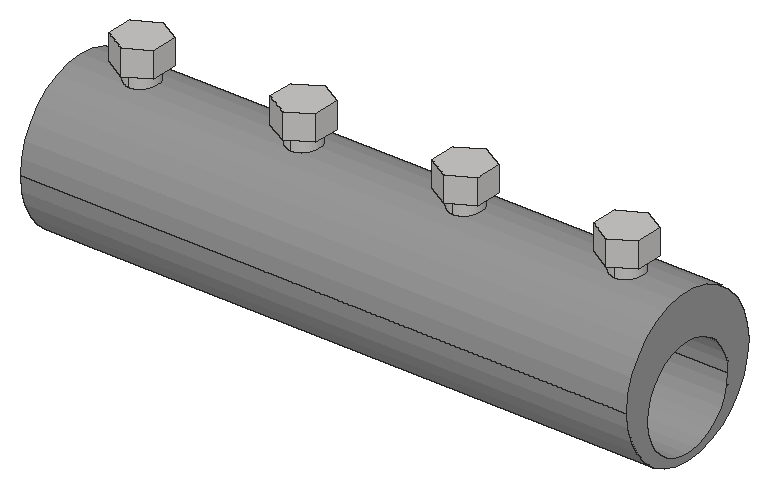
Revit family "DF_МуфтаСоеденительная_Болтовая_EZETEK", category Соединительные детали воздуховодов, Revit 2017
Family settings
  Размер круглого соединителя = Использовать радиус
  Тип детали = Соединение
  На основе рабочей плоскости = Нет
  Всегда вертикально = Да
  При загрузке вырезать с полостями = Нет
  Общий = Нет
Parameters (values of type "МуфтаСоединительная_10-16_74624")
  Тип = FA_МуфтаСоеденительная_Болтовая_EZETEK : МуфтаСоединительная_10-16 мм_74624
  Смещение_Коннекторы [instance] = 0 mm  # constant formula
  Производитель_Контакты = "ezetek@ezetek.ru"  # constant formula
  built-in parameter 1114242 [instance] = 1 = 0  # (empty or 0)
  Изготовитель = "Ezetek"  # constant formula
  Группа модели = "Молниеприемники и комплектующие к вертикальным поверхностям"  # constant formula
  Видимость_Error [instance] = if(or(and(and(ADSK_Размер_Диаметр > 7 mm, ADSK_Размер_Диаметр < 11 mm), Code = 1 mm), and(and(ADSK_Размер_Диаметр > 9 mm, ADSK_Размер_Диаметр < 17 mm), Code = 2 mm)), 1 = 0, 1 = 1)  # no
  URL = "https://ezetek.ru/"
  R_Error [instance] = if(or(and(and(ADSK_Размер_Диаметр > 7 mm, ADSK_Размер_Диаметр < 11 mm), Code = 1 mm), and(and(ADSK_Размер_Диаметр > 9 mm, ADSK_Размер_Диаметр < 17 mm), Code = 2 mm)), 1 mm, 50 mm)  # 1 mm
  Code = 2 mm
  ADSK_Этаж [instance] = ""
  ADSK_Размер_Радиус [instance] = 8 mm
  ADSK_Размер_Диаметр [instance] = 2 * ADSK_Размер_Радиус  # 16 mm
  ADSK_Примечание [instance] = "Неспецифицируемое"  # constant formula
  ADSK_Позиция [instance] = "Неспецифицируемое"  # constant formula
  ADSK_Обозначение = "Неспецифицируемое"  # constant formula
  ADSK_Наименование краткое [instance] = "Неспецифицируемое"  # constant formula
  ADSK_Наименование = "Неспецифицируемое"  # constant formula
  ADSK_Материал = BIMLIB_Сталь_Нержавеющая_EZETEK
  ADSK_Масса_Текст = "Неспецифицируемое"  # constant formula
  ADSK_Масса = 0  # constant formula
  ADSK_Марка = "Неспецифицируемое"  # constant formula
  ADSK_Количество = 0  # constant formula
  ADSK_Код изделия = "Неспецифицируемое"  # constant formula
  ADSK_Завод-изготовитель = "Неспецифицируемое"  # constant formula
  ADSK_Единица измерения = "Неспецифицируемое"  # constant formula
  ADSK_Группирование [instance] = ""
  ADSK_Версия Revit = "2017"  # constant formula
Types (2, lengths in mm): name | Тип | Code | ADSK_Размер_Радиус | ADSK_Размер_Диаметр | ADSK_Материал
  МуфтаСоединительная_10-16_74624 | FA_МуфтаСоеденительная_Болтовая_EZETEK : МуфтаСоединительная_10-16 мм_74624 | 2 | 8 | 16 | BIMLIB_Сталь_Нержавеющая_EZETEK
  МуфтаСоединительная_8-10_74634 | FA_МуфтаСоеденительная_Болтовая_EZETEK : МуфтаСоединительная_8-10 мм_74634 | 1 | 5 | 10 | BIMLIB_Алюминий_EZETEK
Reference planes
  plane 1 "По центру (Вперед/Назад)": y = 0
  plane 2: z = 0
  plane 3 "По центру (Влево/Вправо)": x = 0
  plane 4 "M": y = 0
  plane 5 "U": z = 0
  plane 6 "L": z = 0
  plane 7: z = -9.5
  plane 8: x = 0
Forms (mm)
  Revolve 1, solid
    sketch origin (0, 0, 0) x (1, 0, 0) y (0, 1, 0)
      loop
        arc (1, 0) -> (0, 1) -> (-1, 0) r 1
        line (-1, 0) -> (1, 0)
      axis (1, 0) -> (-1, 0)
    angle from 0 to 360
Lines and regions (mm)
  reference lines
    curve 1: line (1, 0, 0) -> (-1, 0, 0)
Dimensions and locks
  equal spacing: curve 1, plane 8, curve 1
  locked: curve 1 to curve 1 at 2
  "Смещение_Коннекторы": plane 5 "U" to plane 2 to plane 6 "L"
  "R_Error": radius of Revolve 1 sketch curve
  aligned and locked: level to plane 2
  aligned and locked: curve 1 to plane 5 "U"
  aligned and locked: plane 1 "По центру (Вперед/Назад)" to Revolve 1 sketch curve  (x2)
  aligned and locked: Revolve 1 sketch curve to plane 1 "По центру (Вперед/Назад)"
Automatic sketch dimensions
  plane 1 "По центру (Вперед/Назад)" to curve 1 = 0 mm
  Revolve 1 sketch curve to plane 3 "По центру (Влево/Вправо)" = 0 mm
  Revolve 1 sketch curve to Revolve 1 sketch curve = 1873.538 mm
  Revolve 1 sketch curve to Revolve 1 sketch curve = 1896.462 mm
Nested families
  nested 1: "FA_МуфтаСоеденительная_Болтовая_EZETEK" at (0, 0, 0) x (0, -1, 0) z (0, 0, 1), ADSK_Этаж <- "ADSK_Этаж", ADSK_Группирование <- "ADSK_Группирование", ADSK_Размер_Радиус <- "ADSK_Размер_Радиус", type <- "Тип", type "МуфтаСоединительная_10-16 мм_74624", detail levels fine
    with Сместить стержни no, Использовать масштаб аннотаций 0, h 17 mm, d 3 mm, D 16 mm, ADSK_Этаж "", ADSK_Размер_Радиус 8 mm, ADSK_Размер_Диаметр 16 mm, ADSK_Примечание "", ADSK_Позиция "", ADSK_Наименование краткое "Зажим заземления", ADSK_Группирование "", L1 76.8 mm, L 96 mm, Code1 2 mm, ADSK_Масса 0.24
Connectors
  hvac at (1, 0, 0), driven by "ADSK_Размер_Радиус"
    settings: on curve 1, index 1, duct flow 0.0 L/s, flow factor 0, pres drop 0.0 Pa, loss coef 0, conn angle 0.00°, conn width 304.8 mm, conn height 304.8 mm, conn diameter 16 mm, duct sys type 1, conn prof type 0, flow config 0, flow direction 0, loss method 0, conn ref index 2, conn util no, is conn primary yes, conn desc ""
  hvac at (-1, 0, 0), driven by "ADSK_Размер_Радиус"
    settings: on curve 1, index 2, duct flow 0.0 L/s, flow factor 0, pres drop 0.0 Pa, loss coef 0, conn angle 0.00°, conn width 304.8 mm, conn height 304.8 mm, conn diameter 16 mm, duct sys type 1, conn prof type 0, flow config 0, flow direction 0, loss method 0, conn ref index 1, conn util no, is conn primary no, conn desc ""
Definition of nested family "FA_МуфтаСоеденительная_Болтовая_EZETEK"
  Parameters (values of type "МуфтаСоединительная_8-10 мм")
    Угол = 90.00°  # constant formula
    Сместить стержни [instance] = yes
    Производитель_Контакты = "ezetek@ezetek.ru"  # constant formula
    Description = "Муфта болтовая выполнена из электротехнического алюминия и позволяют выполнить соединение прутка молниезащитной сетки в параллельном направлении различного диаметра (6-10 мм) и из различного материала (например, медь и оцинкованная сталь)."
    Использовать масштаб аннотаций [instance] = 1 = 0  # 0
    Manufacturer = "Ezetek"  # constant formula
    Model = "Молниеприемники и комплектующие к вертикальным поверхностям"  # constant formula
    h [instance] = D1 / 2 + d + 2 mm  # 20 mm
    d [instance] = D1 / 2 - D / 2 - 1 mm  # 6 mm
    URL = "https://ezetek.ru/"
    L1 = L * 0.8  # 52.8 mm
    L = 66 mm
    D1 = 24 mm
    D [instance] = ADSK_Размер_Радиус * 2  # 10 mm
    Code1 = 1 mm
    ADSK_Этаж [instance] = ""
    ADSK_Размер_Радиус [instance] = 5 mm
    ADSK_Размер_Диаметр [instance] = D  # 10 mm
    ADSK_Примечание [instance] = ""
    ADSK_Позиция [instance] = ""
    ADSK_Обозначение = "74634"
    ADSK_Наименование краткое [instance] = "Муфта соединительная"
    ADSK_Наименование = "Муфта соединительная болтовая 8-10 мм, алюм."
    ADSK_Материал = none
    ADSK_Масса_Текст = "0.04"
    ADSK_Масса = 0.04
    ADSK_Марка = "74634"
    ADSK_Количество = 1  # constant formula
    ADSK_Код изделия = "74634"
    ADSK_Завод-изготовитель = "Ezetek"  # constant formula
    ADSK_Единица измерения = "шт."  # constant formula
    ADSK_Группирование [instance] = ""
    ADSK_Версия Revit = "2017"  # constant formula
  Types (2, lengths in mm): name | Description | L1 | L | Code1 | ADSK_Обозначение | ADSK_Наименование | ADSK_Масса_Текст | ADSK_Масса | ADSK_Марка | ADSK_Код изделия
    МуфтаСоединительная_10-16 мм | "Муфта болтовая выполнена из электротехнического алюминия и позволяют выполнить соединение круглых проводников (прутка молниезащитной сетки, молниеприемников) в параллельном направлении различного диаметра (10-16 мм) и из различного материала (например, медь и оцинкованная сталь)." | 76.8 | 96 | 2 | "74624" | "Муфта соединительная болтовая 16 мм, алюм." | "0.24" | 0.24 | "74624" | "74624"
    МуфтаСоединительная_8-10 мм | "Муфта болтовая выполнена из электротехнического алюминия и позволяют выполнить соединение прутка молниезащитной сетки в параллельном направлении различного диаметра (6-10 мм) и из различного материала (например, медь и оцинкованная сталь)." | 52.8 | 66 | 1 | "74634" | "Муфта соединительная болтовая 8-10 мм, алюм." | "0.04" | 0.04 | "74634" | "74634"
  Reference planes
    plane 1 "По центру (Вперед/Назад)": y = 0
    plane 2: z = 0
    plane 3 "По центру (Влево/Вправо)": x = 0
    plane 4: x = 0
    plane 5: y = 33
    plane 6: y = -33
    plane 7: y = -8.8
    plane 8: y = -26.4
    plane 9: y = 26.4
    plane 10: y = 8.8
    plane 11: y = 26.4
    plane 12: y = -26.4
    plane 13: z = 20
    plane 14: z = 24
  Forms (mm)
    Extrusion 1, solid, detail levels fine
      sketch origin (36, 361.382, 0) x (1, 0, 0) y (0, 1, 0)
        loop
          circle (-36, -387.782) r 2.5
      from 20 to 0
    Extrusion 2, solid, material <- "ADSK_Материал"
      sketch origin (0, 0, 0) x (1, 0, 0) y (0, 0, 1)
        loop
          circle (0, 0) r 5
        loop
          circle (0, 6) r 12
      from 33 to -33
    Extrusion 3, solid, detail levels fine
      sketch origin (36, 378.982, 0) x (1, 0, 0) y (0, 1, 0)
        loop
          line (-38.078, -384.184) -> (-40.156, -387.782) -> (-38.078, -391.381) -> (-33.922, -391.381) -> (-31.844, -387.782) -> (-33.922, -384.184) -> (-38.078, -384.184)
      from 20 to 24
    Extrusion 4, solid, detail levels fine
      sketch origin (36, 378.982, 0) x (1, 0, 0) y (0, 1, 0)
        loop
          circle (-36, -387.782) r 2.5
      from 20 to 0
    Extrusion 5, solid, detail levels fine
      sketch origin (36, 396.582, 0) x (1, 0, 0) y (0, 1, 0)
        loop
          line (-38.078, -384.184) -> (-40.156, -387.782) -> (-38.078, -391.381) -> (-33.922, -391.381) -> (-31.844, -387.782) -> (-33.922, -384.184) -> (-38.078, -384.184)
      from 20 to 24
    Extrusion 6, solid, detail levels fine
      sketch origin (36, 396.582, 0) x (1, 0, 0) y (0, 1, 0)
        loop
          circle (-36, -387.782) r 2.5
      from 20 to 0
    Extrusion 7, solid, detail levels fine
      sketch origin (36, 414.182, 0) x (1, 0, 0) y (0, 1, 0)
        loop
          circle (-36, -387.782) r 2.5
      from 20 to 0
    Extrusion 8, solid, detail levels fine
      sketch origin (36, 414.182, 0) x (1, 0, 0) y (0, 1, 0)
        loop
          line (-38.078, -384.184) -> (-40.156, -387.782) -> (-38.078, -391.381) -> (-33.922, -391.381) -> (-31.844, -387.782) -> (-33.922, -384.184) -> (-38.078, -384.184)
      from 20 to 24
    Extrusion 9, solid, detail levels fine
      sketch origin (36, 361.382, 0) x (1, 0, 0) y (0, 1, 0)
        loop
          line (-38.078, -384.184) -> (-40.156, -387.782) -> (-38.078, -391.381) -> (-33.922, -391.381) -> (-31.844, -387.782) -> (-33.922, -384.184) -> (-38.078, -384.184)
      from 20 to 24
  Dimensions and locks
    "L": plane 5 to plane 6
    equal spacing: plane 5, plane 1 "По центру (Вперед/Назад)", plane 6
    equal spacing: plane 9, plane 1 "По центру (Вперед/Назад)", plane 8
    "L1": plane 8 to plane 9
    locked: plane 9 to plane 11 at 0
    locked: plane 12 to plane 8 at 0
    equal spacing: plane 9, plane 10, plane 7, plane 8
    "d": Extrusion 2 sketch curve to Extrusion 2 sketch curve
    "h": plane 13 to plane 2
    locked: plane 14 to plane 13 at 4
    "D1": diameter of Extrusion 2 sketch curve
    "D": diameter of Extrusion 2 sketch curve
    aligned and locked: level to plane 2
    aligned and locked: plane 4 to Extrusion 2 sketch curve
    aligned and locked: plane 2 to Extrusion 2 sketch curve
    aligned and locked: Extrusion 2 to plane 6
    aligned and locked: plane 5 to Extrusion 2
    aligned and locked: Extrusion 4 to Extrusion 3
    aligned and locked: Extrusion 6 to Extrusion 5
    aligned and locked: plane 12 to Extrusion 1
    aligned and locked: plane 7 to Extrusion 3
    aligned and locked: plane 7 to Extrusion 4
    aligned and locked: plane 10 to Extrusion 5
    aligned and locked: plane 10 to Extrusion 6
    aligned and locked: plane 11 to Extrusion 7
    aligned and locked: plane 11 to Extrusion 8
    aligned and locked: plane 12 to Extrusion 9
    aligned and locked: plane 14 to Extrusion 9
    aligned and locked: Extrusion 9 to plane 13
    aligned and locked: plane 13 to Extrusion 1
    aligned and locked: Extrusion 3 to plane 13
    aligned and locked: Extrusion 5 to plane 13
    aligned and locked: plane 13 to Extrusion 4
    aligned and locked: Extrusion 8 to plane 13
    aligned and locked: plane 13 to Extrusion 6
    aligned and locked: plane 13 to Extrusion 7
    aligned and locked: plane 13 to Extrusion 9  (x10)
    aligned and locked: plane 13 to Extrusion 3
    aligned and locked: plane 14 to Extrusion 3
    aligned and locked: plane 14 to Extrusion 8
    aligned and locked: plane 14 to Extrusion 5
    aligned and locked: Extrusion 5 to plane 14
  Automatic sketch dimensions
    Extrusion 1 sketch curve to plane 3 "По центру (Влево/Вправо)" = 0 mm
    Extrusion 1 sketch curve to plane 8 = 0 mm
    Extrusion 3 sketch curve to plane 7 = 0 mm  (x2)
    Extrusion 3 sketch curve to plane 3 "По центру (Влево/Вправо)" = 4.156 mm
    Extrusion 3 sketch curve to plane 3 "По центру (Влево/Вправо)" = 2.078 mm  (x2)
    plane 3 "По центру (Влево/Вправо)" to Extrusion 3 sketch curve = 2.078 mm  (x2)
    plane 3 "По центру (Влево/Вправо)" to Extrusion 3 sketch curve = 4.156 mm
    Extrusion 3 sketch curve to plane 7 = 3.599 mm
    plane 7 to Extrusion 3 sketch curve = 3.599 mm
    Extrusion 4 sketch curve to plane 3 "По центру (Влево/Вправо)" = 0 mm
    Extrusion 4 sketch curve to plane 7 = 0 mm
    Extrusion 5 sketch curve to plane 10 = 0 mm  (x2)
    Extrusion 5 sketch curve to plane 3 "По центру (Влево/Вправо)" = 4.156 mm
    Extrusion 5 sketch curve to plane 3 "По центру (Влево/Вправо)" = 2.078 mm  (x2)
    plane 3 "По центру (Влево/Вправо)" to Extrusion 5 sketch curve = 2.078 mm  (x2)
    plane 3 "По центру (Влево/Вправо)" to Extrusion 5 sketch curve = 4.156 mm
    Extrusion 5 sketch curve to plane 10 = 3.599 mm
    plane 10 to Extrusion 5 sketch curve = 3.599 mm
    Extrusion 6 sketch curve to plane 3 "По центру (Влево/Вправо)" = 0 mm
    Extrusion 6 sketch curve to plane 10 = 0 mm
    Extrusion 7 sketch curve to plane 3 "По центру (Влево/Вправо)" = 0 mm
    plane 9 to Extrusion 7 sketch curve = 0 mm
    plane 9 to Extrusion 8 sketch curve = 0 mm  (x2)
    Extrusion 8 sketch curve to plane 3 "По центру (Влево/Вправо)" = 4.156 mm
    Extrusion 8 sketch curve to plane 3 "По центру (Влево/Вправо)" = 2.078 mm  (x2)
    plane 3 "По центру (Влево/Вправо)" to Extrusion 8 sketch curve = 2.078 mm  (x2)
    plane 3 "По центру (Влево/Вправо)" to Extrusion 8 sketch curve = 4.156 mm
    plane 9 to Extrusion 8 sketch curve = 3.599 mm
    Extrusion 8 sketch curve to plane 9 = 3.599 mm
    Extrusion 9 sketch curve to plane 3 "По центру (Влево/Вправо)" = 4.156 mm
    Extrusion 9 sketch curve to plane 3 "По центру (Влево/Вправо)" = 2.078 mm  (x2)
    Extrusion 9 sketch curve to plane 8 = 3.599 mm
    plane 3 "По центру (Влево/Вправо)" to Extrusion 9 sketch curve = 2.078 mm  (x2)
    plane 3 "По центру (Влево/Вправо)" to Extrusion 9 sketch curve = 4.156 mm
    plane 8 to Extrusion 9 sketch curve = 0 mm  (x2)
    Extrusion 9 sketch curve to Extrusion 9 sketch curve = 3.599 mm
    Extrusion 2 sketch curve to plane 3 "По центру (Влево/Вправо)" = 0 mm
    radius of Extrusion 1 sketch curve = 2.5 mm
    radius of Extrusion 4 sketch curve = 2.5 mm
    radius of Extrusion 6 sketch curve = 2.5 mm
    radius of Extrusion 7 sketch curve = 2.5 mm
